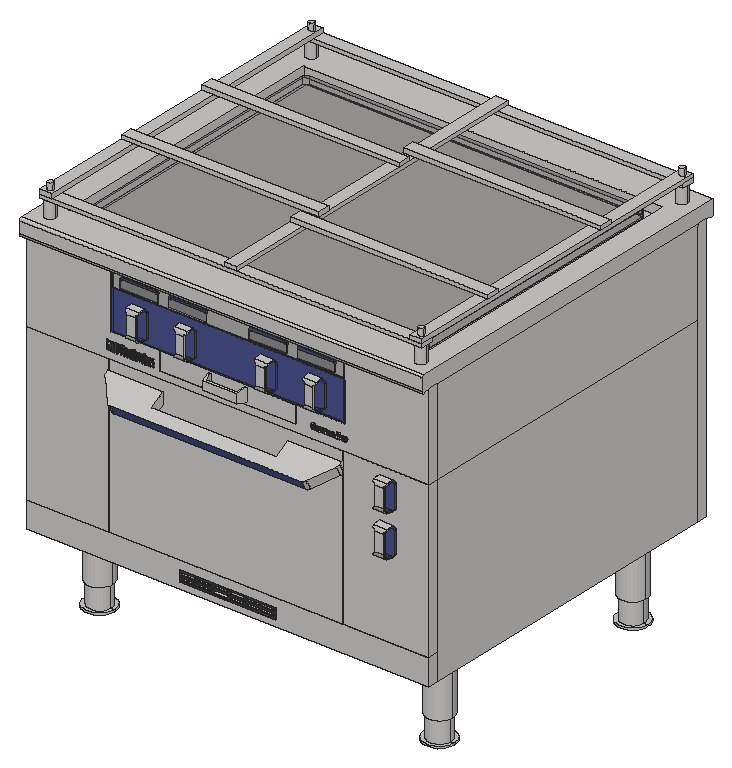
Revit family "QF_ELECTROLUXPROFESSIONAL_589894_MCTGEAJ8DM", category Attrezzature speciali, Revit 2021
Family settings
  Quota connettore circolare = Usa diametro
  Tipo di parte = Normale
  Basato su piano di lavoro = No
  Sempre verticale = Sì
  Taglio con vuoti quando caricato = No
  Condiviso = No
  Punto di calcolo locali = No
Parameters
  Weight in Pounds = 487.22
  URL Cutsheet = ""
  Type Mark [instance] = ""
  Specification by User [instance] = ""
  Specification by Manufacturer = ""
  Serial Number = ""
  Seismic Rating = ""
  SMACNA No = ""
  Revision Code [instance] = ""
  Prospetto di default = 0 mm
  Omniclass Number and Title = ""
  NAFEM Spec ID Number = ""
  Modello = "589585"
  Masterspec = ""
  Produttore = "ELECTROLUX"
  Item Number [instance] = ""
  Installed By [instance] = ""
  Identify Quantity as Lot [instance] = yes
  Furnished By [instance] = ""
  Foodservice Equipment Identifier [instance] = yes
  Descrizione = "FULL IND+STAT.OVEN,TAP(L)1S,1200X900X700"
  CSI MasterFormat = ""
  CSI Master Format = ""
Reference planes
  plane 1 "BACK": y = 0
  plane 2: z = 0
  plane 3 "LEFT": x = -100
  plane 4 "RIGHT": x = 900
  plane 5 "FRONT": y = -900
  plane 6 "TOP": z = 900
  plane 7 "Center (Left/Right)": x = 400
  plane 8: y = -450
  plane 9: z = 200
  plane 10: y = -150
  plane 11 "Panel": y = -855
  plane 12: z = 798
  plane 13: z = 1327
  plane 14: x = -22
  plane 15: x = 822
  plane 16: y = -150
  plane 17: y = -650
  plane 18 "EIx": x = 855
  plane 19 "EIy": y = -685
  plane 20: y = -880
  plane 21 "G1": z = 940
  plane 22 "TOPG": z = 975
  plane 23 "G2": z = 950
  plane 24 "G3": z = 960
  plane 25: x = -60
  plane 26: y = -45
  plane 27: x = 860
  plane 28: y = -750
Forms (mm)
  Extrusion 1, solid, material "QF_Finishes_Stainless Steel"
    sketch origin (-178.969, -4572, 200) x (-1, 0, 0) y (0, -1, 0)
      loop
        line (-78.969, -4527) -> (-78.969, -3717) -> (-1078.969, -3717) -> (-1078.969, -4527) -> (-78.969, -4527)
    from 450 to 663
  Extrusion 2, solid, material "QF_Finishes_Stainless Steel"
    sketch origin (-100, 0, 0) x (0, 1, 0) y (0, 0, 1)
      loop
        line (-855, 200) -> (-855, 265) -> (-880, 265) -> (-880, 200) -> (-855, 200)
    from 0 to 1000
  Extrusion 3, solid, material "QF_Finishes_Stainless Steel"
    sketch origin (-488.969, -4662, 200) x (-1, 0, 0) y (0, -1, 0)
      loop
        circle (-1343.969, -3977) r 6.35
    from 0 to -11.851
  Extrusion 4, solid, material "QF_Finishes_Stainless Steel"
    sketch origin (400, 296.4, 1219.2) x (0, 1, 0) y (0, 0, 1)
      loop
        line (-296.4, -319.2) -> (-1191.4, -319.2)
        arc (-1191.4, -319.2) -> (-1194.935, -320.664) -> (-1196.4, -324.2) r 5
        line (-1196.4, -324.2) -> (-1196.4, -355.2)
        arc (-1196.4, -355.2) -> (-1194.971, -358.264) -> (-1191.705, -359.139) r 4
        line (-1191.705, -359.139) -> (-1176.4, -356.231) -> (-316.4, -356.231) -> (-301.094, -359.139)
        arc (-301.094, -359.139) -> (-297.829, -358.264) -> (-296.4, -355.2) r 4
        line (-296.4, -355.2) -> (-296.4, -319.2)
    from -500 to 500
  Extrusion 5, solid, material "QF_Finishes_Electrolux_Black Smoke Iluminated"
    sketch origin (0, 0, 900) x (-1, 0, 0) y (0, -1, 0)
      loop
        arc (12, 109) -> (19.071, 111.929) -> (22, 119) r 10
        line (22, 119) -> (22, 780)
        arc (22, 780) -> (19.071, 787.071) -> (12, 790) r 10
        line (12, 790) -> (-812, 790)
        arc (-812, 790) -> (-819.071, 787.071) -> (-822, 780) r 10
        line (-822, 780) -> (-822, 119)
        arc (-822, 119) -> (-819.071, 111.929) -> (-812, 109) r 10
        line (-812, 109) -> (12, 109)
    from 0 to -20
  Extrusion 6, solid, material "QF_Finishes_Stainless Steel"
    sketch origin (-178.969, -4572, 200) x (-1, 0, 0) y (0, -1, 0)
      loop
        line (-78.969, -4527) -> (-78.969, -3717) -> (-1078.969, -3717) -> (-1078.969, -4527) -> (-78.969, -4527)
    from 450 to 0
  Extrusion 7, void
    sketch origin (0, -855, 0) x (-1, 0, 0) y (0, 0, 1)
      loop
        line (-520, 216.594) -> (-280, 216.594) -> (-280, 241.594) -> (-520, 241.594) -> (-520, 216.594)
    from 0 to -25
  Extrusion 8, solid, material "QF_Finishes_Black"
    sketch origin (0, -855, 0) x (-1, 0, 0) y (0, 0, 1)
      loop
        line (-280, 241.594) -> (-520, 241.594) -> (-520, 216.594) -> (-280, 216.594) -> (-280, 241.594)
      loop
        line (-282, 239.594) -> (-319.131, 239.594) -> (-319.131, 230.094) -> (-282, 230.094) -> (-282, 239.594)
      loop
        line (-282, 218.594) -> (-282, 228.094) -> (-319.131, 228.094) -> (-319.131, 218.594) -> (-282, 218.594)
      loop
        line (-321.131, 239.594) -> (-359.066, 239.594) -> (-359.066, 230.094) -> (-321.131, 230.094) -> (-321.131, 239.594)
      loop
        line (-399, 239.594) -> (-399, 230.094) -> (-361.066, 230.094) -> (-361.066, 239.594) -> (-399, 239.594)
      loop
        line (-401, 239.594) -> (-438.934, 239.594) -> (-438.934, 230.094) -> (-401, 230.094) -> (-401, 239.594)
      loop
        line (-359.066, 218.594) -> (-321.131, 218.594) -> (-321.131, 228.094) -> (-359.066, 228.094) -> (-359.066, 218.594)
      loop
        line (-361.066, 218.594) -> (-361.066, 228.094) -> (-399, 228.094) -> (-399, 218.594) -> (-361.066, 218.594)
      loop
        line (-401, 228.094) -> (-438.934, 228.094) -> (-438.934, 218.594) -> (-401, 218.594) -> (-401, 228.094)
      loop
        line (-518, 239.594) -> (-518, 230.094) -> (-480.869, 230.094) -> (-480.869, 239.594) -> (-518, 239.594)
      loop
        line (-518, 218.594) -> (-480.869, 218.594) -> (-480.869, 228.094) -> (-518, 228.094) -> (-518, 218.594)
      loop
        line (-478.869, 239.594) -> (-478.869, 230.094) -> (-440.934, 230.094) -> (-440.934, 239.594) -> (-478.869, 239.594)
      loop
        line (-440.934, 218.594) -> (-440.934, 228.094) -> (-478.869, 228.094) -> (-478.869, 218.594) -> (-440.934, 218.594)
    from -25.03 to -20
  Extrusion 9, void
    sketch origin (0, 0, 900) x (-1, 0, 0) y (0, -1, 0)
      loop
        line (47, 815) -> (-847, 815) -> (-847, 84) -> (47, 84) -> (47, 815)
    from 0 to -25
  Extrusion 10, solid, material "QF_Finishes_Stainless Steel"
    sketch origin (0, 0, 900) x (-1, 0, 0) y (0, -1, 0)
      loop
        line (18, 113) -> (18, 786) -> (-818, 786) -> (-818, 113) -> (18, 113)
    from -20 to -25
  Extrusion 11, solid, material "QF_Finishes_Stainless Steel"
    sketch origin (400, 296.4, 1219.169) x (0, 1, 0) y (0, 0, 1)
      loop
        line (-341.4, -356.2) -> (-341.4, -1019.169) -> (-316.4, -1019.169) -> (-316.4, -356.2) -> (-341.4, -356.2)
    from -500 to 500
  Extrusion 12, solid, material "QF_Finishes_Stainless Steel"
    sketch origin (0, 0, 940) x (0, 1, 0) y (-1, 0, 0)
      loop
        line (-30, 75) -> (-60, 75) -> (-60, -875) -> (-30, -875) -> (-30, 75)
      loop
        line (-870, 75) -> (-870, -875) -> (-840, -875) -> (-840, 75) -> (-870, 75)
      loop
        circle (-855, 60) r 6.5
      loop
        circle (-855, -860) r 6.5
      loop
        circle (-45, 60) r 6.5
      loop
        circle (-45, -860) r 6.5
    from 0 to 10
  Extrusion 13, solid, material "QF_Finishes_Stainless Steel"
    sketch origin (0, 0, 950) x (0, 1, 0) y (-1, 0, 0)
      loop
        line (-30, 75) -> (-870, 75) -> (-870, 45) -> (-30, 45) -> (-30, 75)
      loop
        line (-30, -875) -> (-30, -845) -> (-870, -845) -> (-870, -875) -> (-30, -875)
      loop
        line (-30, -415) -> (-30, -385) -> (-870, -385) -> (-870, -415) -> (-30, -415)
      loop
        circle (-45, 60) r 6.5
      loop
        circle (-45, -860) r 6.5
      loop
        circle (-855, 60) r 6.5
      loop
        circle (-855, -860) r 6.5
    from 0 to 10
  Extrusion 14, solid, material "QF_Finishes_Stainless Steel"
    sketch origin (0, 0, 960) x (0, 1, 0) y (-1, 0, 0)
      loop
        line (-336, 75) -> (-366, 75) -> (-366, -415) -> (-336, -415) -> (-336, 75)
      loop
        line (-586, 75) -> (-616, 75) -> (-616, -415) -> (-586, -415) -> (-586, 75)
      loop
        line (-286, -385) -> (-316, -385) -> (-316, -875) -> (-286, -875) -> (-286, -385)
      loop
        line (-636, -385) -> (-666, -385) -> (-666, -875) -> (-636, -875) -> (-636, -385)
    from 0 to 10
  Extrusion 15, solid, material "QF_Finishes_Stainless Steel"
    sketch origin (0, -1, 900) x (-1, 0, 0) y (0, -1, 0)
      loop
        circle (60, 44) r 13
      loop
        circle (-860, 44) r 13
      loop
        circle (60, 854) r 13
      loop
        circle (-860, 854) r 13
    from 0 to 40
  Extrusion 16, solid, material "QF_Finishes_Stainless Steel"
    sketch origin (0, -1, 940) x (0, 1, 0) y (-1, 0, 0)
      loop
        circle (-854, 60) r 6.5
      loop
        circle (-854, -860) r 6.5
      loop
        circle (-44, 60) r 6.5
      loop
        circle (-44, -860) r 6.5
    from 0 to 35
Cuts and joins
  Extrusion 7 cuts Extrusion 6
  Extrusion 7 cuts Extrusion 2
  Extrusion 9 cuts Extrusion 4
Lines and regions (mm)
  symbolic lines
    curve 1: line (-100, 0, 200) -> (900, 0, 200)
    curve 2: line (-100, -900, 200) -> (-100, 0, 200)
    curve 3: line (900, -900, 200) -> (-100, -900, 200)
    curve 4: line (900, 0, 200) -> (900, -900, 200)
    curve 5: line (812, -109, 200) -> (415, -109, 200)
    curve 6: line (-22, -119, 200) -> (-22, -780, 200)
    curve 7: line (-12, -790, 200) -> (385, -790, 200)
    curve 8: line (822, -780, 200) -> (822, -666, 200)
    curve 9: arc (-12, -109, 200) -> (-19.071, -111.929, 200) -> (-22, -119, 200) r 10
    curve 10: arc (822, -119, 200) -> (819.071, -111.929, 200) -> (812, -109, 200) r 10
    curve 11: arc (812, -790, 200) -> (819.071, -787.071, 200) -> (822, -780, 200) r 10
    curve 12: arc (-22, -780, 200) -> (-19.071, -787.071, 200) -> (-12, -790, 200) r 10
    curve 13: line (847, -84, 900) -> (415, -84, 900)
    curve 14: line (-45, -815, 900) -> (385, -815, 900)
    curve 15: line (875, -30, 940) -> (-75, -30, 940)
    curve 16: line (-75, -30, 940) -> (-75, -870, 940)
    curve 17: line (875, -870, 940) -> (875, -30, 940)
    curve 18: line (-75, -870, 940) -> (875, -870, 940)
    curve 19: line (-45, -870, 940) -> (-45, -616, 940)
    curve 20: line (-75, -616, 940) -> (415, -616, 940)
    curve 21: line (415, -586, 940) -> (-75, -586, 940)
    curve 22: line (385, -666, 940) -> (875, -666, 940)
    curve 23: line (875, -636, 940) -> (385, -636, 940)
    curve 24: line (385, -316, 940) -> (875, -316, 940)
    curve 25: line (875, -286, 940) -> (385, -286, 940)
    curve 26: line (-75, -366, 940) -> (415, -366, 940)
    curve 27: line (415, -336, 940) -> (-75, -336, 940)
    curve 28: line (-45, -30, 940) -> (-45, -336, 940)
    curve 29: line (-45, -366, 940) -> (-45, -586, 940)
    curve 30: line (-45, -616, 940) -> (-45, -870, 940)
    curve 31: line (-45, -840, 940) -> (385, -840, 940)
    curve 32: line (415, -840, 940) -> (845, -840, 940)
    curve 33: line (415, -870, 940) -> (415, -666, 940)
    curve 34: line (385, -616, 940) -> (385, -870, 940)
    curve 35: line (415, -636, 940) -> (415, -316, 940)
    curve 36: line (385, -366, 940) -> (385, -586, 940)
    curve 37: line (415, -30, 940) -> (415, -286, 940)
    curve 38: line (385, -336, 940) -> (385, -30, 940)
    curve 39: line (845, -30, 940) -> (845, -286, 940)
    curve 40: line (845, -316, 940) -> (845, -636, 940)
    curve 41: line (845, -666, 940) -> (845, -870, 940)
    curve 42: line (385, -84, 900) -> (-45, -84, 900)
    curve 43: line (385, -109, 200) -> (-12, -109, 200)
    curve 44: line (-45, -60, 940) -> (385, -60, 940)
    curve 45: line (415, -60, 940) -> (845, -60, 940)
    curve 46: line (415, -790, 200) -> (812, -790, 200)
    curve 47: line (415, -815, 900) -> (845, -815, 900)
    curve 48: circle (-60, -45, 940) r 6.5 normal (0, 0, -1)
    curve 49: circle (860, -45, 940) r 6.5 normal (0, 0, -1)
    curve 50: circle (-60, -855, 940) r 6.5 normal (0, 0, 1)
    curve 51: circle (860, -855, 940) r 6.5 normal (0, 0, 1)
    curve 52: line (822, -286, 200) -> (822, -119, 200)
    curve 53: line (822, -636, 200) -> (822, -316, 200)
Dimensions and locks
  plane 3 "LEFT" to plane 4 "RIGHT" = 1000 mm
  plane 5 "FRONT" to plane 1 "BACK" = 900 mm
  plane 3 "LEFT" to plane 7 "Center (Left/Right)" to plane 4 "RIGHT" = 500 mm, 500 mm
  equal spacing: plane 5 "FRONT", plane 8, plane 1 "BACK"
  plane 6 "TOP" to level = 900 mm  (x2)
  plane 9 to level = 200 mm
  plane 1 "BACK" to plane 10 to plane 11 "Panel" = 150 mm, 705 mm  (x2)
  plane 6 "TOP" to plane 9 to level = 700 mm, 200 mm
  plane 1 "BACK" to plane 5 "FRONT" = 900 mm
  plane 1 "BACK" to Extrusion 3 = 685 mm
  plane 12 to plane 9 = 598 mm
  plane 13 to plane 6 "TOP" = 427 mm
  plane 6 "TOP" to plane 12 = 102 mm
  plane 14 to plane 3 "LEFT" = 78 mm
  plane 15 to plane 4 "RIGHT" = 78 mm
  locked: plane 1 "BACK" to plane 16 at 150
  locked: plane 16 to plane 17 at 500
  plane 11 "Panel" to plane 5 "FRONT" = 45 mm
  plane 18 "EIx" to plane 4 "RIGHT" = 45 mm
  plane 19 "EIy" to plane 1 "BACK" = 685 mm
  locked: plane 11 "Panel" to plane 20 at 25
  plane 22 "TOPG" to plane 6 "TOP" = 75 mm
  plane 21 "G1" to plane 6 "TOP" = 40 mm
  plane 23 "G2" to plane 21 "G1" = 10 mm
  plane 24 "G3" to plane 23 "G2" = 10 mm
  plane 16 to plane 28 to plane 20 = 600 mm, 130 mm
  aligned and locked: level to plane 2
  aligned and locked: Extrusion 2 to plane 4 "RIGHT"
  aligned and locked: cut or joined group of Extrusion 4, Extrusion 9 to plane 3 "LEFT"
  aligned and locked: cut or joined group of Extrusion 4, Extrusion 9 to plane 4 "RIGHT"
  aligned and locked: cut or joined group of Extrusion 6, Extrusion 7 to plane 4 "RIGHT"
  aligned and locked: cut or joined group of Extrusion 6, Extrusion 7 to plane 3 "LEFT"
  aligned and locked: nested 1 to plane 11 "Panel"
  aligned and locked: nested 4 to plane 11 "Panel"
  aligned and locked: Extrusion 1 to plane 11 "Panel"
  aligned and locked: plane 11 "Panel" to cut or joined group of Extrusion 2, Extrusion 7
  aligned and locked: nested 2 to plane 20
  aligned and locked: nested 3 to plane 20
  aligned and locked: Extrusion 11 to plane 4 "RIGHT"
  aligned and locked: Extrusion 1 to plane 3 "LEFT"
  aligned and locked: Extrusion 11 to plane 3 "LEFT"
  aligned and locked: Extrusion 1 to plane 4 "RIGHT"
  aligned and locked: plane 3 "LEFT" to nested 1
  aligned and locked: Extrusion 11 to plane 9
  aligned and locked: plane 22 "TOPG" to Extrusion 16
  aligned and locked: nested 7 to plane 14
  aligned and locked: nested 5 to plane 14
  aligned and locked: nested 8 to plane 15
  aligned and locked: nested 6 to plane 15
  aligned and locked: plane 16 to nested 5
  aligned and locked: plane 16 to nested 6
  aligned and locked: plane 28 to nested 7
  aligned and locked: plane 28 to nested 8
Automatic sketch dimensions
  Extrusion 1 sketch curve to plane 4 "RIGHT" = 0 mm
  Extrusion 1 sketch curve to plane 3 "LEFT" = 0 mm
  Extrusion 1 sketch curve to plane 26 = 0 mm
  Extrusion 1 sketch curve to plane 11 "Panel" = 0 mm
  Extrusion 2 sketch curve to plane 9 = 0 mm
  Extrusion 2 sketch curve to plane 20 = 0 mm
  Extrusion 2 sketch curve to plane 11 "Panel" = 0 mm
  plane 9 to Extrusion 2 sketch curve = 65 mm
  plane 1 "BACK" to curve 1 = 0 mm
  curve 1 to plane 4 "RIGHT" = 0 mm
  curve 52 to plane 15 = 0 mm
  curve 53 to plane 15 = 0 mm
  curve 8 to plane 15 = 0 mm
  curve 6 to plane 14 = 0 mm
  curve 2 to plane 3 "LEFT" = 0 mm
  plane 5 "FRONT" to curve 2 = 0 mm
  plane 15 to curve 11 = 10 mm
  plane 15 to curve 5 = 10 mm
  curve 43 to plane 14 = 10 mm
  curve 12 to curve 12 = 10 mm
  plane 10 to curve 43 = 41 mm
  plane 10 to curve 5 = 41 mm
  plane 11 "Panel" to curve 6 = 75 mm
  plane 11 "Panel" to curve 8 = 75 mm
  plane 7 "Center (Left/Right)" to curve 5 = 15 mm
  plane 7 "Center (Left/Right)" to curve 46 = 15 mm
  curve 7 to plane 7 "Center (Left/Right)" = 15 mm
  curve 43 to plane 7 "Center (Left/Right)" = 15 mm
  curve 52 to plane 10 = 136 mm
  curve 52 to curve 53 = 30 mm
  curve 53 to plane 17 = 14 mm
  plane 17 to curve 8 = 16 mm
  Extrusion 3 sketch curve to plane 18 "EIx" = 0 mm
  Extrusion 3 sketch curve to plane 19 "EIy" = 0 mm
  Extrusion 4 sketch curve to plane 5 "FRONT" = 0 mm
  Extrusion 4 sketch curve to plane 6 "TOP" = 0 mm
  Extrusion 4 sketch curve to plane 20 = 0 mm
  Extrusion 4 sketch curve to plane 1 "BACK" = 0 mm
  Extrusion 4 sketch curve to Extrusion 4 sketch curve = 4 mm
  Extrusion 4 sketch curve to Extrusion 4 sketch curve = 0.695 mm
  Extrusion 4 sketch curve to plane 5 "FRONT" = 5 mm
  plane 1 "BACK" to Extrusion 4 sketch curve = 20 mm
  plane 1 "BACK" to Extrusion 4 sketch curve = 4.695 mm
  plane 1 "BACK" to Extrusion 4 sketch curve = 4 mm
  Extrusion 4 sketch curve to Extrusion 4 sketch curve = 31 mm
  Extrusion 4 sketch curve to Extrusion 4 sketch curve = 36 mm
  Extrusion 4 sketch curve to Extrusion 4 sketch curve = 2.909 mm
  Extrusion 5 sketch curve to plane 15 = 0 mm
  Extrusion 5 sketch curve to plane 14 = 0 mm
  plane 15 to Extrusion 5 sketch curve = 10 mm  (x2)
  Extrusion 5 sketch curve to Extrusion 5 sketch curve = 10 mm  (x2)
  plane 10 to Extrusion 5 sketch curve = 41 mm
  plane 11 "Panel" to Extrusion 5 sketch curve = 75 mm
  Extrusion 6 sketch curve to plane 4 "RIGHT" = 0 mm
  Extrusion 6 sketch curve to plane 3 "LEFT" = 0 mm
  Extrusion 6 sketch curve to plane 26 = 0 mm
  Extrusion 6 sketch curve to plane 11 "Panel" = 0 mm
  plane 9 to Extrusion 7 sketch curve = 41.594 mm
  plane 7 "Center (Left/Right)" to Extrusion 7 sketch curve = 120 mm
  Extrusion 7 sketch curve to plane 7 "Center (Left/Right)" = 120 mm
  plane 9 to Extrusion 7 sketch curve = 16.594 mm
  plane 9 to Extrusion 8 sketch curve = 41.594 mm
  plane 7 "Center (Left/Right)" to Extrusion 8 sketch curve = 120 mm
  Extrusion 8 sketch curve to Extrusion 8 sketch curve = 2 mm  (x15)
  Extrusion 8 sketch curve to Extrusion 8 sketch curve = 0 mm  (x16)
  Extrusion 8 sketch curve to Extrusion 8 sketch curve = 37.131 mm  (x2)
  Extrusion 8 sketch curve to Extrusion 8 sketch curve = 37.934 mm  (x3)
  plane 7 "Center (Left/Right)" to Extrusion 8 sketch curve = 1 mm  (x2)
  Extrusion 8 sketch curve to plane 7 "Center (Left/Right)" = 1 mm  (x2)
  plane 9 to Extrusion 8 sketch curve = 18.594 mm  (x4)
  Extrusion 8 sketch curve to Extrusion 8 sketch curve = 9.5 mm  (x6)
  plane 18 "EIx" to Extrusion 9 sketch curve = 8 mm
  plane 25 to Extrusion 9 sketch curve = 13 mm
  Extrusion 9 sketch curve to plane 26 = 39 mm
  plane 11 "Panel" to Extrusion 9 sketch curve = 40 mm
  plane 15 to Extrusion 10 sketch curve = 4 mm
  Extrusion 10 sketch curve to plane 14 = 4 mm
  plane 10 to Extrusion 10 sketch curve = 37 mm
  plane 11 "Panel" to Extrusion 10 sketch curve = 69 mm
  plane 18 "EIx" to curve 47 = 10 mm
  plane 18 "EIx" to curve 13 = 8 mm
  plane 7 "Center (Left/Right)" to curve 13 = 15 mm
  plane 7 "Center (Left/Right)" to curve 47 = 15 mm
  curve 14 to plane 7 "Center (Left/Right)" = 15 mm
  curve 42 to plane 7 "Center (Left/Right)" = 15 mm
  plane 25 to curve 14 = 15 mm
  plane 25 to curve 42 = 15 mm
  curve 13 to plane 26 = 39 mm
  curve 42 to curve 13 = 0 mm
  plane 11 "Panel" to curve 14 = 40 mm
  curve 14 to curve 47 = 0 mm
  Extrusion 11 sketch curve to plane 9 = 0 mm
  Extrusion 11 sketch curve to plane 26 = 0 mm
  plane 1 "BACK" to Extrusion 11 sketch curve = 20 mm
  Extrusion 11 sketch curve to plane 6 "TOP" = 37.031 mm
  Extrusion 12 sketch curve to plane 11 "Panel" = 0 mm  (x2)
  Extrusion 12 sketch curve to plane 25 = 0 mm  (x2)
  Extrusion 12 sketch curve to plane 26 = 0 mm  (x2)
  Extrusion 12 sketch curve to plane 27 = 0 mm  (x2)
  Extrusion 12 sketch curve to plane 20 = 10 mm
  plane 11 "Panel" to Extrusion 12 sketch curve = 15 mm
  Extrusion 12 sketch curve to plane 26 = 15 mm
  plane 26 to Extrusion 12 sketch curve = 15 mm
  plane 27 to Extrusion 12 sketch curve = 15 mm  (x2)
  Extrusion 12 sketch curve to plane 25 = 15 mm  (x2)
  Extrusion 13 sketch curve to plane 11 "Panel" = 0 mm  (x2)
  Extrusion 13 sketch curve to plane 26 = 0 mm  (x2)
  Extrusion 13 sketch curve to plane 25 = 0 mm  (x2)
  Extrusion 13 sketch curve to plane 27 = 0 mm  (x2)
  Extrusion 13 sketch curve to plane 20 = 10 mm  (x3)
  plane 26 to Extrusion 13 sketch curve = 15 mm  (x3)
  plane 27 to Extrusion 13 sketch curve = 15 mm
  plane 18 "EIx" to Extrusion 13 sketch curve = 10 mm
  plane 7 "Center (Left/Right)" to Extrusion 13 sketch curve = 15 mm
  Extrusion 13 sketch curve to plane 7 "Center (Left/Right)" = 15 mm
  plane 25 to Extrusion 13 sketch curve = 15 mm
  Extrusion 13 sketch curve to plane 25 = 15 mm
  plane 17 to Extrusion 14 sketch curve = 16 mm
  Extrusion 14 sketch curve to plane 17 = 14 mm
  Extrusion 14 sketch curve to plane 25 = 15 mm  (x2)
  Extrusion 14 sketch curve to plane 17 = 34 mm
  Extrusion 14 sketch curve to Extrusion 14 sketch curve = 30 mm  (x3)
  plane 8 to Extrusion 14 sketch curve = 84 mm
  Extrusion 14 sketch curve to plane 7 "Center (Left/Right)" = 15 mm  (x2)
  Extrusion 14 sketch curve to Extrusion 14 sketch curve = 20 mm
  plane 7 "Center (Left/Right)" to Extrusion 14 sketch curve = 15 mm  (x2)
  plane 27 to Extrusion 14 sketch curve = 15 mm  (x2)
  Extrusion 15 sketch curve to plane 26 = 0 mm  (x2)
  Extrusion 15 sketch curve to plane 27 = 0 mm  (x2)
  Extrusion 15 sketch curve to plane 11 "Panel" = 0 mm  (x2)
  Extrusion 15 sketch curve to plane 25 = 0 mm  (x2)
  Extrusion 16 sketch curve to plane 11 "Panel" = 0 mm  (x2)
  Extrusion 16 sketch curve to plane 26 = 0 mm  (x2)
  Extrusion 16 sketch curve to plane 25 = 0 mm  (x2)
  Extrusion 16 sketch curve to plane 27 = 0 mm  (x2)
  curve 50 to plane 11 "Panel" = 0 mm
  curve 51 to plane 11 "Panel" = 0 mm
  curve 48 to plane 25 = 0 mm
  curve 48 to plane 26 = 0 mm
  curve 49 to plane 26 = 0 mm
  curve 49 to plane 27 = 0 mm
  curve 51 to plane 27 = 0 mm
  curve 50 to plane 25 = 0 mm
  curve 18 to plane 20 = 10 mm
  plane 26 to curve 17 = 15 mm
  plane 27 to curve 17 = 15 mm
  curve 16 to plane 25 = 15 mm
  plane 11 "Panel" to curve 31 = 15 mm
  plane 11 "Panel" to curve 32 = 15 mm
  plane 17 to curve 41 = 16 mm
  curve 40 to plane 17 = 14 mm
  curve 23 to curve 34 = 20 mm
  curve 19 to curve 29 = 30 mm
  curve 36 to plane 7 "Center (Left/Right)" = 15 mm
  plane 8 to curve 36 = 84 mm
  curve 38 to plane 7 "Center (Left/Right)" = 15 mm
  curve 36 to curve 38 = 30 mm
  curve 27 to curve 35 = 20 mm
  curve 35 to curve 37 = 30 mm
  curve 44 to plane 26 = 15 mm
  curve 45 to plane 26 = 15 mm
  plane 18 "EIx" to curve 41 = 10 mm
  plane 18 "EIx" to curve 40 = 10 mm
  plane 18 "EIx" to curve 39 = 10 mm
  plane 7 "Center (Left/Right)" to curve 33 = 15 mm
  plane 7 "Center (Left/Right)" to curve 45 = 15 mm
  plane 7 "Center (Left/Right)" to curve 35 = 15 mm
  curve 22 to plane 7 "Center (Left/Right)" = 15 mm
  plane 25 to curve 30 = 15 mm
  plane 25 to curve 31 = 15 mm
  plane 25 to curve 29 = 15 mm
  plane 25 to curve 28 = 15 mm
  radius of Extrusion 3 sketch curve = 6.35 mm
  radius of Extrusion 12 sketch curve = 6.5 mm  (x4)
  radius of Extrusion 13 sketch curve = 6.5 mm  (x4)
  radius of Extrusion 15 sketch curve = 13 mm  (x4)
  radius of Extrusion 16 sketch curve = 6.5 mm  (x4)
  radius of curve 48 = 6.5 mm
  radius of curve 49 = 6.5 mm
  radius of curve 50 = 6.5 mm
  radius of curve 51 = 6.5 mm
Nested families
  nested 1: "Door_Panel_W1000_A" at (400, -855, 0), type "Door_Panel_W1000_A"
  nested 2: "FIT Range Control Handle" at (795, -883.137, -372.751), type "FIT Range Control Handle"
  nested 3: "FIT Range Control Handle" at (795, -883.137, -474.751), type "FIT Range Control Handle"
  nested 4: "Front_Panel_W1000_Four Knobs_Marine" at (102.376, -855, 0), type "Front_Panel_W1000_Four Knobs_Marine"
  nested 5: "FEET200_MARINE" at (-22, -150, 0), type "FEET200_MARINE"
  nested 6: "FEET200_MARINE" at (822, -150, 0), type "FEET200_MARINE"
  nested 7: "FEET200_MARINE" at (-22, -750, 0), type "FEET200_MARINE"
  nested 8: "FEET200_MARINE" at (822, -750, 0), type "FEET200_MARINE"
Connectors
  electrical at (855, -685, 188.149)
    settings: on Extrusion 3, index 1, voltage 400 V, apparent load 33000 VA, apparent load phase1 0 VA, apparent load phase2 0 VA, apparent load phase3 0 VA, power factor 1, load classification "Other", number of poles 1, system type 30, power factor state 1, is connector primary yes, connector utility no, sub classification motor no, connector description "ELECTRICAL CONNECTION"
Definition of nested family "Door_Panel_W1000_A"
  Parameters
    Default Elevation = 0 mm
  Reference planes
    plane 1 "Center (Front/Back)": y = 0
    plane 2 "Ref. Level": z = 0
    plane 3: x = 500
    plane 4: x = -500
    plane 5 "Center (Left/Right)": x = 0
    plane 6: x = -295
    plane 7: x = 285
    plane 8 "Manopola": through (-6096, -50.059, 612.389) normal (0, -0.515, 0.8572)
    plane 9 "Top": z = 650
    plane 10: z = 265
    plane 11: z = 200
  Forms (mm)
    Extrusion 1, solid
      sketch origin (0, 0, 0) x (0, 1, 0) y (0, 0, 1)
        loop
          line (-25.03, 650) -> (-25.03, 265) -> (0, 265) -> (0, 650) -> (-25.03, 650)
      from 285 to 500
    Extrusion 2, solid
      sketch origin (0, 0, 0) x (0, 1, 0) y (0, 0, 1)
        loop
          line (-25.03, 650) -> (-25.03, 265) -> (0, 265) -> (0, 650) -> (-25.03, 650)
      from -500 to -295
    Extrusion 3, solid
      sketch origin (0, 0, 0) x (0, 1, 0) y (0, 0, 1)
        loop
          line (-25.03, 650) -> (-25.03, 265) -> (0, 265) -> (0, 650) -> (-25.03, 650)
      from -295 to 285
    Extrusion 4, solid
      sketch origin (0, -283.633, 472.044) x (0, 0.857167, 0.515038) y (-1, 0, 0)
        loop
          line (299.12, -285) -> (299.12, 295) -> (290.982, 295)
          arc (290.982, 295) -> (286.677, 294.026) -> (283.211, 291.293) r 10
          line (283.211, 291.293) -> (233.28, 250.86)
          arc (233.28, 250.86) -> (230.548, 247.394) -> (229.574, 243.089) r 10
          line (229.574, 243.089) -> (229.574, -233.089)
          arc (229.574, -233.089) -> (230.548, -237.394) -> (233.28, -240.86) r 10
          line (233.28, -240.86) -> (283.211, -281.293)
          arc (283.211, -281.293) -> (286.677, -284.026) -> (290.982, -285) r 10
          line (290.982, -285) -> (299.12, -285)
      from -27 to 0
    Extrusion 5, void
      sketch origin (0, 0, 0) x (0, 1, 0) y (0, 0, 1)
        loop
          line (-61.514, 605.507) -> (-47.608, 582.363) -> (-25.03, 595.93) -> (-25.03, 627.429) -> (-61.514, 605.507)
      from -160 to 150
    Extrusion 6, solid, detail levels coarse
      sketch origin (0, 0, 0) x (0, 1, 0) y (0, 0, 1)
        loop
          line (-25.03, 265) -> (-25.03, 650)
          arc (-25.03, 650) -> (-297.266, 537.236) -> (-410.03, 265) r 385
          line (-410.03, 265) -> (-25.03, 265)
      from -295 to 285
  Cuts and joins
    Extrusion 5 cuts Extrusion 4
    joined: Extrusion 3, Extrusion 4
  Lines and regions (mm)
    symbolic lines
      curve 1: line (-287.355, -45.043, 0) -> (-250.86, -83.673, 0)
      curve 2: line (-243.089, -86.85, 0) -> (233.089, -86.85, 0)
      curve 3: line (240.86, -83.673, 0) -> (277.355, -45.043, 0)
      curve 4: arc (-243.089, -86.85, 0) -> (-247.318, -86.101, 0) -> (-250.86, -83.673, 0) r 10.165
      curve 5: arc (233.089, -86.85, 0) -> (237.318, -86.101, 0) -> (240.86, -83.673, 0) r 10.165
      curve 6: line (-295, -45.043, 0) -> (-295, -410.03, 0)
      curve 7: line (-295, -410.03, 0) -> (285, -410.03, 0)
      curve 8: line (285, -410.03, 0) -> (285, -45.03, 0)
  Dimensions and locks
    plane 3 to plane 4 = 1000 mm
    plane 4 to plane 3 = 1000 mm
    equal spacing: plane 3, plane 5 "Center (Left/Right)", plane 4
    plane 6 to plane 4 = 205 mm
    plane 3 to plane 7 = 215 mm
    plane 11 to level = 200 mm
    plane 10 to plane 11 = 65 mm
    plane 10 to plane 9 "Top" = 385 mm
    plane 9 "Top" to plane 11 = 450 mm
    aligned and locked: plane 3 to Extrusion 1
    aligned and locked: cut or joined group of Extrusion 3, Extrusion 4, Extrusion 5 to plane 6
    aligned and locked: cut or joined group of Extrusion 3, Extrusion 4, Extrusion 5 to plane 7
    aligned and locked: plane 7 to Extrusion 1
    aligned and locked: plane 6 to Extrusion 2
    aligned and locked: Extrusion 2 to plane 4
    aligned and locked: plane 10 to Extrusion 2
    aligned and locked: plane 10 to cut or joined group of Extrusion 3, Extrusion 4, Extrusion 5
    aligned and locked: plane 10 to Extrusion 1
    aligned and locked: Extrusion 6 to plane 6
    aligned and locked: Extrusion 6 to plane 7
  Automatic sketch dimensions
    Extrusion 5 sketch curve to plane 8 "Manopola" = 0 mm  (x2)
    plane 1 "Center (Front/Back)" to Extrusion 5 sketch curve = 61.514 mm
    Extrusion 5 sketch curve to Extrusion 5 sketch curve = 13.906 mm
    plane 1 "Center (Front/Back)" to Extrusion 5 sketch curve = 25.03 mm
    Extrusion 4 sketch curve to plane 7 = 0 mm
    Extrusion 4 sketch curve to plane 6 = 0 mm
    plane 6 to Extrusion 4 sketch curve = 51.911 mm
    plane 7 to Extrusion 4 sketch curve = 44.14 mm
    Extrusion 4 sketch curve to Extrusion 4 sketch curve = 3.707 mm  (x2)
    plane 6 to Extrusion 4 sketch curve = 44.14 mm
    plane 7 to Extrusion 4 sketch curve = 3.707 mm
    Extrusion 4 sketch curve to Extrusion 4 sketch curve = 49.93 mm  (x2)
    plane 6 to Extrusion 4 sketch curve = 3.707 mm
    Extrusion 4 sketch curve to Extrusion 4 sketch curve = 7.771 mm  (x3)
    Extrusion 4 sketch curve to Extrusion 4 sketch curve = 8.138 mm
    Extrusion 2 sketch curve to plane 1 "Center (Front/Back)" = 0 mm
    Extrusion 3 sketch curve to plane 1 "Center (Front/Back)" = 0 mm
    Extrusion 1 sketch curve to plane 1 "Center (Front/Back)" = 0 mm
    Extrusion 2 sketch curve to plane 9 "Top" = 0 mm
    Extrusion 2 sketch curve to Extrusion 2 sketch curve = 25.03 mm
    Extrusion 3 sketch curve to plane 9 "Top" = 0 mm
    Extrusion 3 sketch curve to Extrusion 3 sketch curve = 25.03 mm
    Extrusion 1 sketch curve to plane 9 "Top" = 0 mm
    plane 1 "Center (Front/Back)" to Extrusion 1 sketch curve = 25.03 mm
    level to Extrusion 1 sketch curve = 265 mm
    level to Extrusion 2 sketch curve = 265 mm
    level to Extrusion 3 sketch curve = 265 mm
    plane 10 to Extrusion 6 sketch curve = 0 mm
    Extrusion 6 sketch curve to plane 9 "Top" = 0 mm
    plane 1 "Center (Front/Back)" to Extrusion 6 sketch curve = 25.03 mm
    curve 7 to plane 7 = 0 mm
    plane 6 to curve 1 = 44.14 mm
    curve 4 to curve 4 = 7.389 mm
    curve 4 to curve 2 = 7.771 mm
    plane 7 to curve 2 = 51.911 mm
    curve 2 to curve 5 = 0.382 mm
    curve 2 to curve 3 = 7.771 mm
    plane 1 "Center (Front/Back)" to curve 6 = 410.03 mm
    plane 1 "Center (Front/Back)" to curve 2 = 86.85 mm
    curve 2 to curve 3 = 3.177 mm
    curve 2 to curve 1 = 3.177 mm
    plane 7 to curve 3 = 7.645 mm
    plane 1 "Center (Front/Back)" to curve 3 = 45.043 mm
    curve 3 to curve 8 = 0.013 mm
    curve 7 to plane 6 = 0 mm
    curve 6 to curve 1 = 7.645 mm
    plane 1 "Center (Front/Back)" to curve 1 = 45.043 mm
    curve 6 to curve 1 = 0 mm
Definition of nested family "FIT Range Control Handle"
  Parameters
    Default Elevation = 0 mm
  Reference planes
    plane 1 "Center (Front/Back)": y = 0
    plane 2: z = 0
    plane 3 "Center (Left/Right)": x = 0
    plane 4: z = 971.092
    plane 5: y = -16.8
  Forms (mm)
    Extrusion 1, solid
      sketch origin (-746.28, 380.497, 208.931) x (-1, 0, 0) y (0, 0, 1)
        loop
          line (-770.101, 786.798) -> (-770.101, 731.649)
          arc (-770.101, 731.649) -> (-769.759, 730.563) -> (-768.855, 729.87) r 1.893
          line (-768.855, 729.87) -> (-763.474, 727.911) -> (-729.81, 727.911) -> (-724.428, 729.87)
          arc (-724.428, 729.87) -> (-723.525, 730.563) -> (-723.183, 731.649) r 1.893
          line (-723.183, 731.649) -> (-723.183, 786.798)
          arc (-723.183, 786.798) -> (-723.529, 787.894) -> (-724.44, 788.593) r 1.91
          line (-724.44, 788.593) -> (-729.683, 790.819) -> (-763.601, 790.819) -> (-768.844, 788.593)
          arc (-768.844, 788.593) -> (-769.755, 787.894) -> (-770.101, 786.798) r 1.91
      from -382.35 to -378.852
    Sweep 2, solid
      path origin (-746.788, 380.496, 208.091) x (0, -1, 0) y (0, 0, 1)
        loop
          line (379.775, 793.281) -> (395.661, 791.048)
          arc (395.661, 791.048) -> (397.781, 787.377) -> (398.517, 783.202) r 12.207
          line (398.517, 783.202) -> (398.517, 737.368)
          arc (398.517, 737.368) -> (397.781, 733.193) -> (395.661, 729.522) r 12.207
          line (395.661, 729.522) -> (379.775, 727.289)
      profile origin (-746.788, -7.222, 1000.256) x (0, -0.139173, 0.990268) y (-1, 0, 0)
        loop
          line (0.782, -763.123) -> (0.782, -730.907) -> (-1.322, -730.907) -> (-1.322, -763.123) -> (0.782, -763.123)
    Sweep 3, solid
      path origin (-746.788, 380.715, 207.832) x (0, -1, 0) y (0, 0, 1)
        loop
          line (380.478, 795.442) -> (397.218, 793.09)
          arc (397.218, 793.09) -> (399.929, 788.473) -> (400.871, 783.202) r 15.207
          line (400.871, 783.202) -> (400.871, 737.584)
          arc (400.871, 737.584) -> (399.914, 732.274) -> (397.164, 727.633) r 15.207
          line (397.164, 727.633) -> (380.601, 725.305)
      profile origin (-746.788, -8.132, 1002.099) x (0, -0.139173, 0.990268) y (-1, 0, 0)
        loop
          line (0.782, -763.123) -> (0.782, -730.907) -> (-1.322, -730.907) -> (-1.322, -763.123) -> (0.782, -763.123)
    Extrusion 4, void
      sketch origin (889.253, 220.666, 207.993) x (1, 0, 0) y (0, 0, 1)
        loop
          line (-943.038, 816.854) -> (-943.038, 703.686) -> (-899.466, 734.196) -> (-899.466, 786.344) -> (-943.038, 816.854)
      from 230.636 to 242.25
    Extrusion 5, void
      sketch origin (-888.8, 220.666, 207.993) x (-1, 0, 0) y (0, 0, -1)
        loop
          line (-943.038, -816.854) -> (-899.466, -786.344) -> (-899.466, -734.196) -> (-943.038, -703.686) -> (-943.038, -816.854)
      from 230.636 to 242.25
    Extrusion 6, solid
      sketch origin (0, 0, 0) x (1, 0, 0) y (0, 0, 1)
        loop
          circle (0, 971.092) r 7.736
      from -3.137 to -1.645
  Cuts and joins
    Extrusion 4, Extrusion 5 cuts Sweep 3
    Extrusion 4, Extrusion 5 cuts Sweep 2
    joined: Extrusion 1, Extrusion 6
  Lines and regions (mm)
    symbolic lines
      curve 1: line (-15.881, -19.189, 0) -> (-15.881, -16.8, 0)
      curve 2: line (16.334, -19.189, 0) -> (16.334, -16.8, 0)
      curve 3: spline (-15.881, -19.189, 0) -> (-15.417, -19.349, 0) -> (-14.951, -19.501, 0) -> (-14.483, -19.646, 0) -> (-14.014, -19.783, 0) -> (-13.543, -19.912, 0) -> (-13.071, -20.033, 0) -> (-12.597, -20.146, 0) -> (-12.122, -20.251, 0) -> (-11.646, -20.349, 0) -> (-11.169, -20.438, 0) -> (-10.691, -20.52, 0) -> (-10.213, -20.593, 0)
      curve 4: spline (10.666, -20.593, 0) -> (11.144, -20.52, 0) -> (11.622, -20.438, 0) -> (12.099, -20.349, 0) -> (12.575, -20.251, 0) -> (13.05, -20.146, 0) -> (13.524, -20.033, 0) -> (13.996, -19.912, 0) -> (14.467, -19.783, 0) -> (14.936, -19.646, 0) -> (15.404, -19.501, 0) -> (15.87, -19.349, 0) -> (16.334, -19.189, 0)
      curve 5: line (-10.213, -20.938, 0) -> (10.716, -20.938, 0)
  Dimensions and locks
    cut or joined group of Sweep 3, Extrusion 4, Extrusion 5 to cut or joined group of Sweep 3, Extrusion 4, Extrusion 5 = 71.686 mm
Definition of nested family "Front_Panel_W1000_Four Knobs_Marine"
  Parameters
    Default Elevation = 0 mm
  Reference planes
    plane 1 "Center (Front/Back)": y = 0
    plane 2: z = 0
    plane 3 "Center (Left/Right)": x = 297.624
    plane 4 "Left": x = -202.376
    plane 5 "Right": x = 797.624
    plane 6: y = -45
    plane 7: x = 77.624
    plane 8: x = 197.624
    plane 9: y = -310
    plane 10: y = -25
    plane 11: x = -2.376
    plane 12: x = 397.624
    plane 13: x = 517.624
    plane 14: x = 594.715
  Forms (mm)
    Extrusion 1, solid
      sketch origin (833.217, 829.203, -1.25) x (0, 1, 0) y (0, 0, 1)
        loop
          line (-854.203, 651.25) -> (-829.203, 651.25) -> (-829.203, 864.25) -> (-854.203, 864.25) -> (-854.203, 651.25)
      from -1035.593 to -35.593
    Extrusion 2, void
      sketch origin (0, 0, 0) x (1, 0, 0) y (0, 0, 1)
        loop
          line (7.624, 853.866) -> (7.624, 711.866) -> (587.624, 711.866) -> (587.624, 853.866) -> (7.624, 853.866)
      from 19.387 to 33.951
    Extrusion 3, void
      sketch origin (0, 0, 0) x (1, 0, 0) y (0, 0, 1)
        loop
          line (128.624, 711.866) -> (128.624, 668.866) -> (466.624, 668.866) -> (466.624, 711.866) -> (128.624, 711.866)
      from 19.387 to 25
    Extrusion 4, solid
      sketch origin (150, 0, 1) x (1, 0, 0) y (0, 0, 1)
        loop
          line (-21.376, 710.866) -> (-21.376, 667.866) -> (316.624, 667.866) -> (316.624, 710.866) -> (-21.376, 710.866)
      from 19.387 to 25
    Extrusion 5, solid
      sketch origin (150, 0, 1) x (1, 0, 0) y (0, 1, 0)
        loop
          line (106.059, -25) -> (100.966, -25) -> (105.646, -49.075) -> (189.603, -49.075) -> (194.283, -25) -> (189.189, -25) -> (185.481, -44.075) -> (109.767, -44.075) -> (106.059, -25)
      from 672.593 to 705.67
    Extrusion 6, void
      sketch origin (297.624, 0, 1) x (0, 1, 0) y (0, 0, 1)
        loop
          line (-30, 705.67) -> (-30, 710.67) -> (-56.744, 710.67) -> (-56.744, 667.593) -> (-30, 667.593) -> (-30, 672.593) -> (-53.776, 680.318) -> (-53.776, 697.945) -> (-30, 705.67)
      from -50 to 50
    Extrusion 7, solid, detail levels coarse
      sketch origin (150, -265, 1) x (1, 0, 0) y (0, 1, 0)
        loop
          line (106.164, -71.744) -> (189.084, -71.744) -> (194.283, -45) -> (316.624, -45) -> (316.624, 240) -> (-21.376, 240) -> (-21.376, -45) -> (100.966, -45) -> (106.164, -71.744)
      from 672.593 to 705.67
    Extrusion 8, void
      sketch origin (297.624, -280, 1) x (0, 1, 0) y (0, 0, 1)
        loop
          line (-30, 705.67) -> (-30, 710.67) -> (-56.744, 710.67) -> (-56.744, 667.593) -> (-30, 667.593) -> (-30, 672.593) -> (-53.776, 680.318) -> (-53.776, 697.945) -> (-30, 705.67)
      from -50 to 50
  Cuts and joins
    Extrusion 2, Extrusion 3 cuts Extrusion 1
    Extrusion 6 cuts Extrusion 5
    Extrusion 6, Extrusion 8 cuts Extrusion 7
  Lines and regions (mm)
    symbolic lines
      curve 1: line (128.624, -45, 0) -> (128.624, -310, 0)
      curve 2: line (128.624, -310, 0) -> (466.624, -310, 0)
      curve 3: line (466.624, -310, 0) -> (466.624, -45, 0)
      curve 4: line (128.624, -300, 0) -> (466.624, -300, 0)
      curve 5: line (250.908, -309.701, 0) -> (255.587, -333.776, 0)
      curve 6: line (255.587, -333.776, 0) -> (339.545, -333.776, 0)
      curve 7: line (339.545, -333.776, 0) -> (344.225, -309.701, 0)
      curve 8: line (256.059, -310, 0) -> (259.709, -328.776, 0)
      curve 9: line (259.709, -328.776, 0) -> (335.423, -328.776, 0)
      curve 10: line (335.423, -328.776, 0) -> (339.073, -310, 0)
  Dimensions and locks
    equal spacing: plane 5 "Right", plane 3 "Center (Left/Right)", plane 4 "Left"
    plane 5 "Right" to plane 4 "Left" = 1000 mm
    plane 3 "Center (Left/Right)" to plane 7 = 220 mm
    plane 3 "Center (Left/Right)" to plane 8 = 100 mm
    plane 6 to plane 9 = 265 mm
    plane 13 to plane 3 "Center (Left/Right)" = 220 mm
    plane 12 to plane 3 "Center (Left/Right)" = 100 mm
    aligned and locked: cut or joined group of Extrusion 1, Extrusion 2, Extrusion 3 to plane 4 "Left"
    aligned and locked: plane 5 "Right" to cut or joined group of Extrusion 1, Extrusion 2, Extrusion 3
    aligned and locked: plane 3 "Center (Left/Right)" to nested 2
    aligned and locked: cut or joined group of Extrusion 1, Extrusion 2, Extrusion 3 to nested 2
  Automatic sketch dimensions
    plane 7 to Extrusion 3 sketch curve = 51 mm
    plane 3 "Center (Left/Right)" to Extrusion 3 sketch curve = 169 mm
    level to Extrusion 3 sketch curve = 668.866 mm
    Extrusion 3 sketch curve to Extrusion 3 sketch curve = 43 mm
    Extrusion 1 sketch curve to plane 1 "Center (Front/Back)" = 0 mm
    level to Extrusion 1 sketch curve = 650 mm
    plane 4 "Left" to Extrusion 2 sketch curve = 210 mm
    Extrusion 2 sketch curve to plane 5 "Right" = 210 mm
    level to Extrusion 2 sketch curve = 711.866 mm
    Extrusion 2 sketch curve to Extrusion 2 sketch curve = 142 mm
    Extrusion 1 sketch curve to plane 6 = 20 mm
    Extrusion 1 sketch curve to Extrusion 1 sketch curve = 213 mm
    plane 7 to Extrusion 4 sketch curve = 51 mm
    Extrusion 4 sketch curve to plane 13 = 51 mm
    level to Extrusion 4 sketch curve = 668.866 mm
    Extrusion 4 sketch curve to Extrusion 4 sketch curve = 43 mm
    plane 10 to Extrusion 5 sketch curve = 0 mm  (x2)
    Extrusion 5 sketch curve to plane 3 "Center (Left/Right)" = 46.658 mm
    plane 6 to Extrusion 5 sketch curve = 4.075 mm
    Extrusion 5 sketch curve to Extrusion 5 sketch curve = 4.68 mm
    Extrusion 5 sketch curve to Extrusion 5 sketch curve = 5.094 mm  (x2)
    Extrusion 5 sketch curve to plane 6 = 0.925 mm
    Extrusion 5 sketch curve to Extrusion 5 sketch curve = 4.122 mm  (x2)
    plane 3 "Center (Left/Right)" to Extrusion 5 sketch curve = 37.857 mm
    Extrusion 5 sketch curve to Extrusion 5 sketch curve = 3.708 mm
    plane 6 to Extrusion 6 sketch curve = 11.744 mm
    plane 6 to Extrusion 6 sketch curve = 8.776 mm
    plane 10 to Extrusion 6 sketch curve = 5 mm  (x2)
    level to Extrusion 6 sketch curve = 668.593 mm
    Extrusion 6 sketch curve to Extrusion 6 sketch curve = 5 mm
    Extrusion 6 sketch curve to Extrusion 6 sketch curve = 12.725 mm  (x2)
    Extrusion 6 sketch curve to Extrusion 6 sketch curve = 17.627 mm
    Extrusion 6 sketch curve to Extrusion 6 sketch curve = 7.725 mm
    plane 10 to Extrusion 7 sketch curve = 0 mm
    Extrusion 7 sketch curve to plane 9 = 0 mm  (x2)
    plane 7 to Extrusion 7 sketch curve = 51 mm
    Extrusion 7 sketch curve to plane 3 "Center (Left/Right)" = 46.658 mm
    Extrusion 7 sketch curve to Extrusion 7 sketch curve = 5.199 mm  (x2)
    plane 3 "Center (Left/Right)" to Extrusion 7 sketch curve = 41.46 mm
    Extrusion 7 sketch curve to plane 13 = 51 mm
    Extrusion 7 sketch curve to plane 9 = 26.744 mm
    Extrusion 8 sketch curve to plane 9 = 0 mm  (x2)
    Extrusion 8 sketch curve to plane 9 = 23.776 mm
    Extrusion 8 sketch curve to Extrusion 8 sketch curve = 2.968 mm
    level to Extrusion 8 sketch curve = 668.593 mm
    Extrusion 8 sketch curve to Extrusion 8 sketch curve = 5 mm
    Extrusion 8 sketch curve to Extrusion 8 sketch curve = 12.725 mm  (x2)
    Extrusion 8 sketch curve to Extrusion 8 sketch curve = 17.627 mm
    Extrusion 8 sketch curve to Extrusion 8 sketch curve = 7.725 mm
    curve 1 to plane 9 = 0 mm
    plane 6 to curve 1 = 0 mm
    plane 6 to curve 3 = 0 mm
    plane 7 to curve 1 = 51 mm
    curve 5 to plane 3 "Center (Left/Right)" = 42.037 mm
    curve 5 to curve 9 = 4.122 mm
    curve 9 to plane 9 = 18.776 mm
    plane 3 "Center (Left/Right)" to curve 9 = 37.799 mm
    curve 9 to curve 7 = 4.122 mm
    curve 3 to plane 13 = 51 mm
    curve 7 to curve 9 = 5 mm
    plane 9 to curve 5 = 0.299 mm
    curve 5 to curve 8 = 8.801 mm
    curve 5 to curve 8 = 5.152 mm
    curve 9 to curve 10 = 3.65 mm
    plane 9 to curve 7 = 0.299 mm
    curve 10 to curve 7 = 5.152 mm
    curve 1 to curve 4 = 10 mm
  Nested families
    nested 1: "Range Control Handle" at (77.624, -28.137, -209.113) x (-1, 0, 0) z (0, 0, 1), type "Range Control Handle"
    nested 2: "Front glass control panel W1000_Marine" at (297.624, 280.644, 2.752), type "Front glass control panel W1000_Marine"
    nested 3: "Range Control Handle" at (197.624, -28.137, -209.113) x (-1, 0, 0) z (0, 0, 1), type "Range Control Handle"
    nested 4: "Range Control Handle" at (397.624, -28.137, -209.113), type "Range Control Handle"
    nested 5: "Range Control Handle" at (517.624, -28.137, -209.113), type "Range Control Handle"
    nested 6: "ELX_ThermaLine_Small" at (546.122, -25, 679.426) x (1, 0, 0) z (0, -1, 0), type "ELX_ThermaLine_Small"
      with Show Logo yes, Material_Logo none
    nested 7: "ELX_Professional_Logo_Small" at (57.11, -25, 681.659) x (1, 0, 0) z (0, -1, 0), type "ELX_Professional_Logo_Small"
      with Show Logo yes, Material_Logo none
  Definition of nested family "Range Control Handle"
    Parameters
      Default Elevation = 0 mm
    Reference planes
      plane 1 "Center (Front/Back)": y = 0
      plane 2: z = 0
      plane 3 "Center (Left/Right)": x = 0
      plane 4: z = 971.092
      plane 5: y = -16.9
    Forms (mm)
      Extrusion 1, solid
        sketch origin (-746.28, 380.497, 208.931) x (-1, 0, 0) y (0, 0, 1)
          loop
            line (-770.101, 786.798) -> (-770.101, 731.649)
            arc (-770.101, 731.649) -> (-769.759, 730.563) -> (-768.855, 729.87) r 1.893
            line (-768.855, 729.87) -> (-763.474, 727.911) -> (-729.81, 727.911) -> (-724.428, 729.87)
            arc (-724.428, 729.87) -> (-723.525, 730.563) -> (-723.183, 731.649) r 1.893
            line (-723.183, 731.649) -> (-723.183, 786.798)
            arc (-723.183, 786.798) -> (-723.529, 787.894) -> (-724.44, 788.593) r 1.91
            line (-724.44, 788.593) -> (-729.683, 790.819) -> (-763.601, 790.819) -> (-768.844, 788.593)
            arc (-768.844, 788.593) -> (-769.755, 787.894) -> (-770.101, 786.798) r 1.91
        from -382.35 to -378.852
      Sweep 2, solid
        path origin (-746.788, 380.496, 208.091) x (0, -1, 0) y (0, 0, 1)
          loop
            line (379.775, 793.281) -> (395.661, 791.048)
            arc (395.661, 791.048) -> (397.781, 787.377) -> (398.517, 783.202) r 12.207
            line (398.517, 783.202) -> (398.517, 737.368)
            arc (398.517, 737.368) -> (397.781, 733.193) -> (395.661, 729.522) r 12.207
            line (395.661, 729.522) -> (379.775, 727.289)
        profile origin (-746.788, -7.222, 1000.256) x (0, -0.139173, 0.990268) y (-1, 0, 0)
          loop
            line (0.782, -763.123) -> (0.782, -730.907) -> (-1.322, -730.907) -> (-1.322, -763.123) -> (0.782, -763.123)
      Sweep 3, solid
        path origin (-746.788, 380.715, 207.832) x (0, -1, 0) y (0, 0, 1)
          loop
            line (380.478, 795.442) -> (397.218, 793.09)
            arc (397.218, 793.09) -> (399.929, 788.473) -> (400.871, 783.202) r 15.207
            line (400.871, 783.202) -> (400.871, 737.584)
            arc (400.871, 737.584) -> (399.914, 732.274) -> (397.164, 727.633) r 15.207
            line (397.164, 727.633) -> (380.601, 725.305)
        profile origin (-746.788, -8.132, 1002.099) x (0, -0.139173, 0.990268) y (-1, 0, 0)
          loop
            line (0.782, -763.123) -> (0.782, -730.907) -> (-1.322, -730.907) -> (-1.322, -763.123) -> (0.782, -763.123)
      Extrusion 4, void
        sketch origin (889.253, 220.666, 207.993) x (1, 0, 0) y (0, 0, 1)
          loop
            line (-943.038, 816.854) -> (-943.038, 703.686) -> (-899.466, 734.196) -> (-899.466, 786.344) -> (-943.038, 816.854)
        from 230.636 to 242.25
      Extrusion 5, void
        sketch origin (-888.8, 220.666, 207.993) x (-1, 0, 0) y (0, 0, -1)
          loop
            line (-943.038, -816.854) -> (-899.466, -786.344) -> (-899.466, -734.196) -> (-943.038, -703.686) -> (-943.038, -816.854)
        from 230.636 to 242.25
      Extrusion 6, solid
        sketch origin (0, 0, 0) x (1, 0, 0) y (0, 0, 1)
          loop
            circle (0, 971.092) r 7.736
        from -3.137 to -1.645
    Cuts and joins
      Extrusion 4, Extrusion 5 cuts Sweep 3
      Extrusion 4, Extrusion 5 cuts Sweep 2
      joined: Extrusion 1, Extrusion 6
    Lines and regions (mm)
      symbolic lines
        curve 1: line (16.334, -16.9, 0) -> (16.334, -19.227, 0)
        curve 2: spline (16.334, -19.227, 0) -> (15.87, -19.385, 0) -> (15.404, -19.536, 0) -> (14.936, -19.678, 0) -> (14.466, -19.813, 0) -> (13.995, -19.94, 0) -> (13.523, -20.059, 0) -> (13.049, -20.171, 0) -> (12.575, -20.274, 0) -> (12.099, -20.37, 0) -> (11.622, -20.458, 0) -> (11.144, -20.537, 0) -> (10.666, -20.609, 0)
        curve 3: line (10.666, -16.9, 0) -> (10.666, -20.938, 0)
        curve 4: line (-10.213, -20.938, 0) -> (10.666, -20.938, 0)
        curve 5: line (-10.213, -20.938, 0) -> (-10.213, -16.9, 0)
        curve 6: spline (-10.213, -20.609, 0) -> (-10.691, -20.537, 0) -> (-11.169, -20.458, 0) -> (-11.646, -20.37, 0) -> (-12.122, -20.274, 0) -> (-12.597, -20.171, 0) -> (-13.07, -20.059, 0) -> (-13.542, -19.94, 0) -> (-14.013, -19.813, 0) -> (-14.483, -19.678, 0) -> (-14.951, -19.536, 0) -> (-15.417, -19.385, 0) -> (-15.881, -19.227, 0)
        curve 7: line (-15.881, -19.227, 0) -> (-15.881, -16.9, 0)
  Definition of nested family "Front glass control panel W1000_Marine"
    Parameters
      Default Elevation = 0 mm
    Reference planes
      plane 1 "Center (Front/Back)": y = 0
      plane 2: z = 0
      plane 3 "Center (Left/Right)": x = 0
      plane 4: x = -220
      plane 5: x = -100
      plane 6: x = 100
      plane 7: x = 220
    Forms (mm)
      Extrusion 1, solid
        sketch origin (378.286, 0, 0.617) x (1, 0, 0) y (0, 0, 1)
          loop
            line (-668.286, 806.791) -> (-668.286, 708.497) -> (-88.286, 708.497) -> (-88.286, 806.791) -> (-668.286, 806.791)
        from 300.031 to 304.8
      Extrusion 2, solid
        sketch origin (378.286, 0, 0.617) x (1, 0, 0) y (0, 0, 1)
          loop
            line (-668.286, 850.497) -> (-668.286, 806.791) -> (-88.286, 806.791) -> (-88.286, 850.497) -> (-668.286, 850.497)
        from 300.031 to 304.8
      Extrusion 3, void
        sketch origin (378.286, 0, 0.617) x (1, 0, 0) y (0, 0, 1)
          loop
            line (-665.628, 847.565) -> (-665.628, 710.699) -> (-91.196, 710.699) -> (-91.196, 847.565) -> (-665.628, 847.565)
        from 303.697 to 304.8
      Extrusion 4, solid
        sketch origin (-408.309, 1.101, -0.633) x (-1, 0, 0) y (0, 0, -1)
          loop
            line (-261.431, -812.62) -> (-355.186, -812.62) -> (-355.186, -834.177) -> (-350.269, -834.177) -> (-348.469, -835.977) -> (-268.039, -835.977) -> (-266.24, -834.177) -> (-261.431, -834.177) -> (-261.431, -812.62)
        from 304.798 to 306.745
      Extrusion 5, solid
        sketch origin (-408.309, 1.101, -0.633) x (-1, 0, 0) y (0, 0, -1)
          loop
            line (-350.269, -834.177) -> (-355.078, -834.177)
            arc (-355.078, -834.177) -> (-353.942, -838.747) -> (-349.686, -840.763) r 5.5
            line (-349.686, -840.763) -> (-266.98, -840.763)
            arc (-266.98, -840.763) -> (-262.706, -838.752) -> (-261.529, -834.177) r 5.549
            line (-261.529, -834.177) -> (-266.24, -834.177) -> (-268.039, -835.977) -> (-348.469, -835.977) -> (-350.269, -834.177)
        from 304.798 to 306.745
      Extrusion 6, solid
        sketch origin (-528.309, 1.101, -0.633) x (-1, 0, 0) y (0, 0, -1)
          loop
            line (-261.431, -812.62) -> (-355.186, -812.62) -> (-355.186, -834.177) -> (-350.269, -834.177) -> (-348.469, -835.977) -> (-268.039, -835.977) -> (-266.24, -834.177) -> (-261.431, -834.177) -> (-261.431, -812.62)
        from 304.798 to 306.745
      Extrusion 7, solid
        sketch origin (-528.309, 1.101, -0.633) x (-1, 0, 0) y (0, 0, -1)
          loop
            line (-350.269, -834.177) -> (-355.078, -834.177)
            arc (-355.078, -834.177) -> (-353.942, -838.747) -> (-349.686, -840.763) r 5.5
            line (-349.686, -840.763) -> (-266.98, -840.763)
            arc (-266.98, -840.763) -> (-262.706, -838.752) -> (-261.529, -834.177) r 5.549
            line (-261.529, -834.177) -> (-266.24, -834.177) -> (-268.039, -835.977) -> (-348.469, -835.977) -> (-350.269, -834.177)
        from 304.798 to 306.745
      Extrusion 8, solid
        sketch origin (408.309, 1.101, -0.633) x (1, 0, 0) y (0, 0, 1)
          loop
            line (-261.431, 812.62) -> (-261.431, 834.177) -> (-266.24, 834.177) -> (-268.039, 835.977) -> (-348.469, 835.977) -> (-350.269, 834.177) -> (-355.186, 834.177) -> (-355.186, 812.62) -> (-261.431, 812.62)
        from 304.798 to 306.745
      Extrusion 9, solid
        sketch origin (408.309, 1.101, -0.633) x (1, 0, 0) y (0, 0, 1)
          loop
            line (-350.269, 834.177) -> (-348.469, 835.977) -> (-268.039, 835.977) -> (-266.24, 834.177) -> (-261.529, 834.177)
            arc (-261.529, 834.177) -> (-262.706, 838.752) -> (-266.98, 840.763) r 5.549
            line (-266.98, 840.763) -> (-349.686, 840.763)
            arc (-349.686, 840.763) -> (-353.942, 838.747) -> (-355.078, 834.177) r 5.5
            line (-355.078, 834.177) -> (-350.269, 834.177)
        from 304.798 to 306.745
      Extrusion 10, solid
        sketch origin (528.309, 1.101, -0.633) x (1, 0, 0) y (0, 0, 1)
          loop
            line (-261.431, 812.62) -> (-261.431, 834.177) -> (-266.24, 834.177) -> (-268.039, 835.977) -> (-348.469, 835.977) -> (-350.269, 834.177) -> (-355.186, 834.177) -> (-355.186, 812.62) -> (-261.431, 812.62)
        from 304.798 to 306.745
      Extrusion 11, solid
        sketch origin (528.309, 1.101, -0.633) x (1, 0, 0) y (0, 0, 1)
          loop
            line (-350.269, 834.177) -> (-348.469, 835.977) -> (-268.039, 835.977) -> (-266.24, 834.177) -> (-261.529, 834.177)
            arc (-261.529, 834.177) -> (-262.706, 838.752) -> (-266.98, 840.763) r 5.549
            line (-266.98, 840.763) -> (-349.686, 840.763)
            arc (-349.686, 840.763) -> (-353.942, 838.747) -> (-355.078, 834.177) r 5.5
            line (-355.078, 834.177) -> (-350.269, 834.177)
        from 304.798 to 306.745
    Cuts and joins
      Extrusion 3 cuts Extrusion 1
      Extrusion 3 cuts Extrusion 2
    Dimensions and locks
      plane 3 "Center (Left/Right)" to plane 5 = 100 mm
      plane 4 to plane 5 = 120 mm
      plane 6 to plane 3 "Center (Left/Right)" = 100 mm
      plane 7 to plane 6 = 120 mm
      aligned and locked: Extrusion 1 to Extrusion 2
      aligned and locked: Extrusion 5 sketch curve to Extrusion 4  (x5)
      aligned and locked: Extrusion 5 to Extrusion 4
      aligned and locked: Extrusion 7 sketch curve to Extrusion 6  (x5)
      aligned and locked: Extrusion 7 to Extrusion 6
      aligned and locked: Extrusion 9 sketch curve to Extrusion 8  (x4)
      aligned and locked: Extrusion 8 to Extrusion 9 sketch curve
      aligned and locked: Extrusion 9 to Extrusion 8
      aligned and locked: Extrusion 11 sketch curve to Extrusion 10  (x4)
      aligned and locked: Extrusion 10 to Extrusion 11 sketch curve
      aligned and locked: Extrusion 11 to Extrusion 10
  Definition of nested family "ELX_ThermaLine_Small"
    Parameters
      Show Logo [instance] = yes
      Material_Logo [instance] = none
      Default Elevation = 0 mm
    Reference planes
      plane 1 "Centro (Fronte/Retro)": y = 0
      plane 2: z = 0
      plane 3 "Centro (Sinistra/Destra)": x = 0
    Forms (mm)
      Extrusion 1, solid
        sketch origin (0, 0, 0) x (1, 0, 0) y (0, 1, 0)
          loop
            line (-1219.2, 1219.2) -> (-1219.2, -1219.2) -> (1219.2, -1219.2) -> (1219.2, 1219.2) -> (-1219.2, 1219.2)
        from 0 to -304.8
      Extrusion 2, solid
        sketch origin (0, 0, 0) x (1, 0, 0) y (0, 1, 0)
          loop
            line (-37.494, 1.229) -> (-35.908, 1.229) -> (-35.908, 3.066) -> (-37.494, 3.066) -> (-37.494, 6.221) -> (-39.867, 4.881) -> (-39.867, 3.066) -> (-40.969, 3.066) -> (-40.969, 1.229) -> (-39.867, 1.229) -> (-39.867, -3.407)
            arc (-39.867, -3.407) -> (-38.982, -5.513) -> (-36.751, -6.001) r 2.478
            line (-36.751, -6.001) -> (-35.638, -5.7) -> (-35.9, -3.835) -> (-36.661, -4.039)
            arc (-36.661, -4.039) -> (-37.236, -3.924) -> (-37.494, -3.399) r 0.662
            line (-37.494, -3.399) -> (-37.494, 1.229)
          loop
            line (-34.242, 6.539) -> (-34.242, -5.848) -> (-31.854, -5.848) -> (-31.854, -0.078)
            arc (-31.854, -0.078) -> (-30.939, 1.249) -> (-29.33, 1.367) r 1.866
